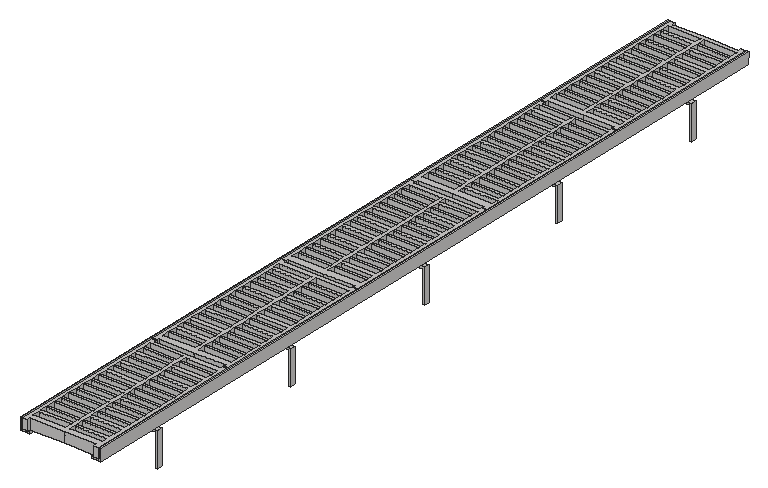
Revit family "Frame_Grate_12_Inch_Z712-HGS", category Plumbing Fixtures, Revit 2022
Family settings
  Round Connector Dimension = Use Diameter
  Part Type = Normal
  OmniClass Number = 23.70.50.21.24.14
  OmniClass Title = Deck Waste Water Drains
  Work Plane-Based = No
  Always vertical = Yes
  Cut with Voids When Loaded = No
  Maintain Annotation Orientation = No
  Shared = No
  Room Calculation Point = No
Parameters (values of type "Z712-HDS")
  Waste Connection = 1 = 1  # yes
  WFU = 1  # constant formula
  Vent Connection = 1 = 0  # no
  URL = "www.zurn.com"
  Type Comments = ""
  Product data url = "https://bimobject.com/zurnindustries/product/Z712-HDG"
  Product Page URL = "https://www.zurn.com/products/drainage-interceptors/trench-drain-systems/frame-and-grate/z712-hds"
  Product Documentation Link = "https://files.zurn.com/spec-sheets/303230.pdf"
  Modified Date = "11/25/2025"  # constant formula
  Model = "Z712-HDG"
  Material_Grate = Steel - Zurn - Stainless - Type 304
  Manufacurer Brand = "Zurn"  # constant formula
  Manufacturer = "Zurn Water, LLC"  # constant formula
  HWFU = 0  # constant formula
  HW Connection = 1 = 0  # no
  Description = "12 [305] INCH WIDE REVEAL FRAME AND GRATE SYSTEM WITH GALVANIZED STEEL FRAME"  # constant formula
  Default Elevation = 10.000"  # constant formula
  Date Created = "11/24/2025"  # constant formula
  CWFU = 0  # constant formula
  CW Connection = 1 = 0  # no
  Assembly Code = "D2030300"
Reference planes (in)
  plane 1 "Center (Front/Back)": y = 0
  plane 2: z = 0
  plane 3 "Center (Left/Right)": x = 0
  plane 4: y = -60
  plane 5: y = 60
  plane 6: z = -1.75
  plane 7: z = -2
  plane 8: x = -6
  plane 9: x = 6
  plane 10: z = -2.5
  plane 11: x = 5.75
  plane 12: x = -5.75
  plane 13: z = -1.5
  plane 14: x = -4.625
  plane 15: x = 4.625
  plane 16: z = -1.5
  plane 17: y = -23.56
  plane 18: y = -47.5
  plane 19: y = -23.531
  plane 20: y = -23.5455
  plane 21: y = 0.409
  plane 22: y = 24.378
  plane 23: y = 0.438
  plane 24: x = -5.375
  plane 25: y = -36.46
  plane 26: y = -36.06
  plane 27: y = -59.6
  plane 28: y = -60
  plane 29: y = 24.407
  plane 30: y = 24.3925
  plane 31: x = -5
  plane 32: y = -23.5455
  plane 33: y = 0.4235
  plane 34: y = -36.48756
  plane 35: y = -36.48756
  plane 36: y = -37.48756
  plane 37: y = -60
  plane 38: y = -47.529
  plane 39: x = 5.125
  plane 40: x = -5.125
  plane 41: x = 0.25
  plane 42: x = -0.25
  plane 43: x = 5.625
  plane 44: x = -5.625
  plane 45: y = -12.48756
  plane 46: y = -12.48756
  plane 47: y = -13.48756
  plane 48: y = 11.51244
  plane 49: y = 11.51244
  plane 50: y = 10.51244
  plane 51: y = 35.62554
  plane 52: y = 35.62554
  plane 53: y = 34.62554
  plane 54: y = 59.51244
  plane 55: y = 59.51244
  plane 56: y = 58.51244
  plane 57: y = -36.48756
  plane 58: y = -36.48756
  plane 59: y = -37.48756
  plane 60: y = -12.48756
  plane 61: y = -12.48756
  plane 62: y = -13.48756
  plane 63: y = 11.51244
  plane 64: y = 11.51244
  plane 65: y = 10.51244
  plane 66: y = 35.62554
  plane 67: y = 35.62554
  plane 68: y = 34.62554
  plane 69: y = 59.51244
  plane 70: y = 59.51244
  plane 71: y = 58.51244
  plane 72: z = -6.75
  plane 73: x = -6.298
  plane 74: x = 6.298
  plane 75: x = 6.548
  plane 76: x = -6.548
  plane 77: y = 49.5
  plane 78: y = 48.75
  plane 79: y = 24.75
  plane 80: y = 24
  plane 81: y = -0.75
  plane 82: y = 0
  plane 83: y = -25.5
  plane 84: y = -24.75
  plane 85: y = -50.25
  plane 86: y = -49.5
Forms (in)
  Extrusion 1, solid, material "Steel - Zurn - Stainless - Type 304" <- "Material_Grate", detail levels fine
    sketch origin (0, 0, 0) x (1, 0, 0) y (0, 0, 1)
      loop
        line (-6, 0) -> (-6, -1.75) -> (-4.625, -1.75) -> (-4.625, -1.5) -> (-5.75, -1.5) -> (-5.75, 0) -> (-6, 0)
      loop
        line (6, 0) -> (5.75, 0) -> (5.75, -1.5) -> (4.625, -1.5) -> (4.625, -1.75) -> (6, -1.75) -> (6, 0)
    from -60 to 60
  Extrusion 2, solid, material "Steel - Zurn - Stainless - Type 304" <- "Material_Grate", detail levels fine
    sketch origin (0.25, -12.5, 0) x (1, 0, 0) y (0, 1, 0)
      loop
        line (-5.875, -47.5) -> (-5.1875, -47.5) -> (-5.1875, -47.1) -> (0, -47.1) -> (4.687, -47.1) -> (4.687, -47.5) -> (5.375, -47.5) -> (5.375, -23.56) -> (4.687, -23.56) -> (4.687, -23.96) -> (0, -23.96) -> (-5.1875, -23.96) -> (-5.1875, -23.56) -> (-5.875, -23.56) -> (-5.875, -47.5)
      loop
        line (-5.875, 0.48) -> (-5.875, -23.46) -> (-5.1875, -23.46) -> (-5.1875, -23.06) -> (0, -23.06) -> (4.687, -23.06) -> (4.687, -23.46) -> (5.375, -23.46) -> (5.375, 0.48) -> (4.687, 0.48) -> (4.687, 0.17441) -> (0, 0.17441) -> (-5.1875, 0.17441) -> (-5.1875, 0.48) -> (-5.875, 0.48)
      loop
        line (-5.875, 72.5) -> (-5.875, 48.56) -> (-5.1875, 48.56) -> (-5.1875, 48.96) -> (0, 48.96) -> (4.687, 48.96) -> (4.687, 48.56) -> (5.375, 48.56) -> (5.375, 72.5) -> (4.687, 72.5) -> (4.687, 72.1) -> (0, 72.1) -> (-5.1875, 72.1) -> (-5.1875, 72.5) -> (-5.875, 72.5)
      loop
        line (-5.875, 24.52) -> (-5.1875, 24.52) -> (-5.1875, 24.82559) -> (0, 24.82559) -> (4.687, 24.82559) -> (4.687, 24.52) -> (5.375, 24.52) -> (5.375, 48.46) -> (4.687, 48.46) -> (4.687, 48.06) -> (0, 48.06) -> (-5.1875, 48.06) -> (-5.1875, 48.46) -> (-5.875, 48.46) -> (-5.875, 24.52)
      loop
        line (-5.875, 0.52729) -> (-5.1875, 0.52729) -> (-5.1875, 0.83288) -> (0, 0.83288) -> (4.687, 0.83288) -> (4.687, 0.52729) -> (5.375, 0.52729) -> (5.375, 24.46729) -> (4.687, 24.46729) -> (4.687, 24.06729) -> (0, 24.06729) -> (-5.1875, 24.06729) -> (-5.1875, 24.46729) -> (-5.875, 24.46729) -> (-5.875, 0.52729)
    from -1.5 to 0
  Extrusion 3, void
    sketch origin (0, 9.25244, 0) x (-1, 0, 0) y (0, -1, 0)
      loop
        line (-5.125, 48.7025) -> (-5.125, 47.7025) -> (-0.25, 47.7025) -> (-0.25, 48.7025) -> (-5.125, 48.7025)
      loop
        line (-5.125, 50.0775) -> (-5.125, 49.0775) -> (-0.25, 49.0775) -> (-0.25, 50.0775) -> (-5.125, 50.0775)
      loop
        line (-5.125, 51.4525) -> (-5.125, 50.4525) -> (-0.25, 50.4525) -> (-0.25, 51.4525) -> (-5.125, 51.4525)
      loop
        line (-5.125, 52.8275) -> (-5.125, 51.8275) -> (-0.25, 51.8275) -> (-0.25, 52.8275) -> (-5.125, 52.8275)
      loop
        line (-5.125, 54.2025) -> (-5.125, 53.2025) -> (-0.25, 53.2025) -> (-0.25, 54.2025) -> (-5.125, 54.2025)
      loop
        line (-5.125, 55.5775) -> (-5.125, 54.5775) -> (-0.25, 54.5775) -> (-0.25, 55.5775) -> (-5.125, 55.5775)
      loop
        line (-5.125, 56.9525) -> (-5.125, 55.9525) -> (-0.25, 55.9525) -> (-0.25, 56.9525) -> (-5.125, 56.9525)
      loop
        line (-5.125, 58.3275) -> (-5.125, 57.3275) -> (-0.25, 57.3275) -> (-0.25, 58.3275) -> (-5.125, 58.3275)
      loop
        line (-5.125, 59.7025) -> (-5.125, 58.7025) -> (-0.25, 58.7025) -> (-0.25, 59.7025) -> (-5.125, 59.7025)
      loop
        line (-5.125, 61.0775) -> (-5.125, 60.0775) -> (-0.25, 60.0775) -> (-0.25, 61.0775) -> (-5.125, 61.0775)
      loop
        line (-5.125, 62.4525) -> (-5.125, 61.4525) -> (-0.25, 61.4525) -> (-0.25, 62.4525) -> (-5.125, 62.4525)
      loop
        line (-5.125, 63.8275) -> (-5.125, 62.8275) -> (-0.25, 62.8275) -> (-0.25, 63.8275) -> (-5.125, 63.8275)
      loop
        line (-5.125, 65.2025) -> (-5.125, 64.2025) -> (-0.25, 64.2025) -> (-0.25, 65.2025) -> (-5.125, 65.2025)
      loop
        line (-5.125, 66.5775) -> (-5.125, 65.5775) -> (-0.25, 65.5775) -> (-0.25, 66.5775) -> (-5.125, 66.5775)
      loop
        line (-5.125, 67.9525) -> (-5.125, 66.9525) -> (-0.25, 66.9525) -> (-0.25, 67.9525) -> (-5.125, 67.9525)
      loop
        line (-5.125, 47.3275) -> (-5.125, 46.3275) -> (-0.25, 46.3275) -> (-0.25, 47.3275) -> (-5.125, 47.3275)
      loop
        line (5.125, 48.7025) -> (0.25, 48.7025) -> (0.25, 47.7025) -> (5.125, 47.7025) -> (5.125, 48.7025)
      loop
        line (5.125, 50.0775) -> (0.25, 50.0775) -> (0.25, 49.0775) -> (5.125, 49.0775) -> (5.125, 50.0775)
      loop
        line (5.125, 51.4525) -> (0.25, 51.4525) -> (0.25, 50.4525) -> (5.125, 50.4525) -> (5.125, 51.4525)
      loop
        line (5.125, 52.8275) -> (0.25, 52.8275) -> (0.25, 51.8275) -> (5.125, 51.8275) -> (5.125, 52.8275)
      loop
        line (5.125, 54.2025) -> (0.25, 54.2025) -> (0.25, 53.2025) -> (5.125, 53.2025) -> (5.125, 54.2025)
      loop
        line (5.125, 55.5775) -> (0.25, 55.5775) -> (0.25, 54.5775) -> (5.125, 54.5775) -> (5.125, 55.5775)
      loop
        line (5.125, 56.9525) -> (0.25, 56.9525) -> (0.25, 55.9525) -> (5.125, 55.9525) -> (5.125, 56.9525)
      loop
        line (5.125, 58.3275) -> (0.25, 58.3275) -> (0.25, 57.3275) -> (5.125, 57.3275) -> (5.125, 58.3275)
      loop
        line (5.125, 59.7025) -> (0.25, 59.7025) -> (0.25, 58.7025) -> (5.125, 58.7025) -> (5.125, 59.7025)
      loop
        line (5.125, 61.0775) -> (0.25, 61.0775) -> (0.25, 60.0775) -> (5.125, 60.0775) -> (5.125, 61.0775)
      loop
        line (5.125, 62.4525) -> (0.25, 62.4525) -> (0.25, 61.4525) -> (5.125, 61.4525) -> (5.125, 62.4525)
      loop
        line (5.125, 63.8275) -> (0.25, 63.8275) -> (0.25, 62.8275) -> (5.125, 62.8275) -> (5.125, 63.8275)
      loop
        line (5.125, 65.2025) -> (0.25, 65.2025) -> (0.25, 64.2025) -> (5.125, 64.2025) -> (5.125, 65.2025)
      loop
        line (5.125, 66.5775) -> (0.25, 66.5775) -> (0.25, 65.5775) -> (5.125, 65.5775) -> (5.125, 66.5775)
      loop
        line (5.125, 67.9525) -> (0.25, 67.9525) -> (0.25, 66.9525) -> (5.125, 66.9525) -> (5.125, 67.9525)
      loop
        line (5.125, 47.3275) -> (0.25, 47.3275) -> (0.25, 46.3275) -> (5.125, 46.3275) -> (5.125, 47.3275)
    from -1.5 to 0
  Extrusion 4, solid, material "Steel - Zurn - Stainless - Type 304" <- "Material_Grate", detail levels fine
    sketch origin (0, 0, 0) x (1, 0, 0) y (0, 0, 1)
      loop
        line (5.125, -2) -> (6.298, -2) -> (6.298, -6.75) -> (6.548, -6.75) -> (6.548, -1.75) -> (5.125, -1.75) -> (5.125, -2)
      loop
        line (-6.548, -1.75) -> (-6.548, -6.75) -> (-6.298, -6.75) -> (-6.298, -2) -> (-5.125, -2) -> (-5.125, -1.75) -> (-6.548, -1.75)
    from 0 to 0.75
  Extrusion 5, void
    sketch origin (0, 33.25244, 0) x (-1, 0, 0) y (0, -1, 0)
      loop
        line (-5.125, 48.7025) -> (-5.125, 47.7025) -> (-0.25, 47.7025) -> (-0.25, 48.7025) -> (-5.125, 48.7025)
      loop
        line (-5.125, 50.0775) -> (-5.125, 49.0775) -> (-0.25, 49.0775) -> (-0.25, 50.0775) -> (-5.125, 50.0775)
      loop
        line (-5.125, 51.4525) -> (-5.125, 50.4525) -> (-0.25, 50.4525) -> (-0.25, 51.4525) -> (-5.125, 51.4525)
      loop
        line (-5.125, 52.8275) -> (-5.125, 51.8275) -> (-0.25, 51.8275) -> (-0.25, 52.8275) -> (-5.125, 52.8275)
      loop
        line (-5.125, 54.2025) -> (-5.125, 53.2025) -> (-0.25, 53.2025) -> (-0.25, 54.2025) -> (-5.125, 54.2025)
      loop
        line (-5.125, 55.5775) -> (-5.125, 54.5775) -> (-0.25, 54.5775) -> (-0.25, 55.5775) -> (-5.125, 55.5775)
      loop
        line (-5.125, 56.9525) -> (-5.125, 55.9525) -> (-0.25, 55.9525) -> (-0.25, 56.9525) -> (-5.125, 56.9525)
      loop
        line (-5.125, 58.3275) -> (-5.125, 57.3275) -> (-0.25, 57.3275) -> (-0.25, 58.3275) -> (-5.125, 58.3275)
      loop
        line (-5.125, 59.7025) -> (-5.125, 58.7025) -> (-0.25, 58.7025) -> (-0.25, 59.7025) -> (-5.125, 59.7025)
      loop
        line (-5.125, 61.0775) -> (-5.125, 60.0775) -> (-0.25, 60.0775) -> (-0.25, 61.0775) -> (-5.125, 61.0775)
      loop
        line (-5.125, 62.4525) -> (-5.125, 61.4525) -> (-0.25, 61.4525) -> (-0.25, 62.4525) -> (-5.125, 62.4525)
      loop
        line (-5.125, 63.8275) -> (-5.125, 62.8275) -> (-0.25, 62.8275) -> (-0.25, 63.8275) -> (-5.125, 63.8275)
      loop
        line (-5.125, 65.2025) -> (-5.125, 64.2025) -> (-0.25, 64.2025) -> (-0.25, 65.2025) -> (-5.125, 65.2025)
      loop
        line (-5.125, 66.5775) -> (-5.125, 65.5775) -> (-0.25, 65.5775) -> (-0.25, 66.5775) -> (-5.125, 66.5775)
      loop
        line (-5.125, 67.9525) -> (-5.125, 66.9525) -> (-0.25, 66.9525) -> (-0.25, 67.9525) -> (-5.125, 67.9525)
      loop
        line (-5.125, 47.3275) -> (-5.125, 46.3275) -> (-0.25, 46.3275) -> (-0.25, 47.3275) -> (-5.125, 47.3275)
      loop
        line (5.125, 48.7025) -> (0.25, 48.7025) -> (0.25, 47.7025) -> (5.125, 47.7025) -> (5.125, 48.7025)
      loop
        line (5.125, 50.0775) -> (0.25, 50.0775) -> (0.25, 49.0775) -> (5.125, 49.0775) -> (5.125, 50.0775)
      loop
        line (5.125, 51.4525) -> (0.25, 51.4525) -> (0.25, 50.4525) -> (5.125, 50.4525) -> (5.125, 51.4525)
      loop
        line (5.125, 52.8275) -> (0.25, 52.8275) -> (0.25, 51.8275) -> (5.125, 51.8275) -> (5.125, 52.8275)
      loop
        line (5.125, 54.2025) -> (0.25, 54.2025) -> (0.25, 53.2025) -> (5.125, 53.2025) -> (5.125, 54.2025)
      loop
        line (5.125, 55.5775) -> (0.25, 55.5775) -> (0.25, 54.5775) -> (5.125, 54.5775) -> (5.125, 55.5775)
      loop
        line (5.125, 56.9525) -> (0.25, 56.9525) -> (0.25, 55.9525) -> (5.125, 55.9525) -> (5.125, 56.9525)
      loop
        line (5.125, 58.3275) -> (0.25, 58.3275) -> (0.25, 57.3275) -> (5.125, 57.3275) -> (5.125, 58.3275)
      loop
        line (5.125, 59.7025) -> (0.25, 59.7025) -> (0.25, 58.7025) -> (5.125, 58.7025) -> (5.125, 59.7025)
      loop
        line (5.125, 61.0775) -> (0.25, 61.0775) -> (0.25, 60.0775) -> (5.125, 60.0775) -> (5.125, 61.0775)
      loop
        line (5.125, 62.4525) -> (0.25, 62.4525) -> (0.25, 61.4525) -> (5.125, 61.4525) -> (5.125, 62.4525)
      loop
        line (5.125, 63.8275) -> (0.25, 63.8275) -> (0.25, 62.8275) -> (5.125, 62.8275) -> (5.125, 63.8275)
      loop
        line (5.125, 65.2025) -> (0.25, 65.2025) -> (0.25, 64.2025) -> (5.125, 64.2025) -> (5.125, 65.2025)
      loop
        line (5.125, 66.5775) -> (0.25, 66.5775) -> (0.25, 65.5775) -> (5.125, 65.5775) -> (5.125, 66.5775)
      loop
        line (5.125, 67.9525) -> (0.25, 67.9525) -> (0.25, 66.9525) -> (5.125, 66.9525) -> (5.125, 67.9525)
      loop
        line (5.125, 47.3275) -> (0.25, 47.3275) -> (0.25, 46.3275) -> (5.125, 46.3275) -> (5.125, 47.3275)
    from -1.5 to 0
  Extrusion 6, void
    sketch origin (0, 57.25244, 0) x (-1, 0, 0) y (0, -1, 0)
      loop
        line (-5.125, 48.7025) -> (-5.125, 47.7025) -> (-0.25, 47.7025) -> (-0.25, 48.7025) -> (-5.125, 48.7025)
      loop
        line (-5.125, 50.0775) -> (-5.125, 49.0775) -> (-0.25, 49.0775) -> (-0.25, 50.0775) -> (-5.125, 50.0775)
      loop
        line (-5.125, 51.4525) -> (-5.125, 50.4525) -> (-0.25, 50.4525) -> (-0.25, 51.4525) -> (-5.125, 51.4525)
      loop
        line (-5.125, 52.8275) -> (-5.125, 51.8275) -> (-0.25, 51.8275) -> (-0.25, 52.8275) -> (-5.125, 52.8275)
      loop
        line (-5.125, 54.2025) -> (-5.125, 53.2025) -> (-0.25, 53.2025) -> (-0.25, 54.2025) -> (-5.125, 54.2025)
      loop
        line (-5.125, 55.5775) -> (-5.125, 54.5775) -> (-0.25, 54.5775) -> (-0.25, 55.5775) -> (-5.125, 55.5775)
      loop
        line (-5.125, 56.9525) -> (-5.125, 55.9525) -> (-0.25, 55.9525) -> (-0.25, 56.9525) -> (-5.125, 56.9525)
      loop
        line (-5.125, 58.3275) -> (-5.125, 57.3275) -> (-0.25, 57.3275) -> (-0.25, 58.3275) -> (-5.125, 58.3275)
      loop
        line (-5.125, 59.7025) -> (-5.125, 58.7025) -> (-0.25, 58.7025) -> (-0.25, 59.7025) -> (-5.125, 59.7025)
      loop
        line (-5.125, 61.0775) -> (-5.125, 60.0775) -> (-0.25, 60.0775) -> (-0.25, 61.0775) -> (-5.125, 61.0775)
      loop
        line (-5.125, 62.4525) -> (-5.125, 61.4525) -> (-0.25, 61.4525) -> (-0.25, 62.4525) -> (-5.125, 62.4525)
      loop
        line (-5.125, 63.8275) -> (-5.125, 62.8275) -> (-0.25, 62.8275) -> (-0.25, 63.8275) -> (-5.125, 63.8275)
      loop
        line (-5.125, 65.2025) -> (-5.125, 64.2025) -> (-0.25, 64.2025) -> (-0.25, 65.2025) -> (-5.125, 65.2025)
      loop
        line (-5.125, 66.5775) -> (-5.125, 65.5775) -> (-0.25, 65.5775) -> (-0.25, 66.5775) -> (-5.125, 66.5775)
      loop
        line (-5.125, 67.9525) -> (-5.125, 66.9525) -> (-0.25, 66.9525) -> (-0.25, 67.9525) -> (-5.125, 67.9525)
      loop
        line (-5.125, 47.3275) -> (-5.125, 46.3275) -> (-0.25, 46.3275) -> (-0.25, 47.3275) -> (-5.125, 47.3275)
      loop
        line (5.125, 48.7025) -> (0.25, 48.7025) -> (0.25, 47.7025) -> (5.125, 47.7025) -> (5.125, 48.7025)
      loop
        line (5.125, 50.0775) -> (0.25, 50.0775) -> (0.25, 49.0775) -> (5.125, 49.0775) -> (5.125, 50.0775)
      loop
        line (5.125, 51.4525) -> (0.25, 51.4525) -> (0.25, 50.4525) -> (5.125, 50.4525) -> (5.125, 51.4525)
      loop
        line (5.125, 52.8275) -> (0.25, 52.8275) -> (0.25, 51.8275) -> (5.125, 51.8275) -> (5.125, 52.8275)
      loop
        line (5.125, 54.2025) -> (0.25, 54.2025) -> (0.25, 53.2025) -> (5.125, 53.2025) -> (5.125, 54.2025)
      loop
        line (5.125, 55.5775) -> (0.25, 55.5775) -> (0.25, 54.5775) -> (5.125, 54.5775) -> (5.125, 55.5775)
      loop
        line (5.125, 56.9525) -> (0.25, 56.9525) -> (0.25, 55.9525) -> (5.125, 55.9525) -> (5.125, 56.9525)
      loop
        line (5.125, 58.3275) -> (0.25, 58.3275) -> (0.25, 57.3275) -> (5.125, 57.3275) -> (5.125, 58.3275)
      loop
        line (5.125, 59.7025) -> (0.25, 59.7025) -> (0.25, 58.7025) -> (5.125, 58.7025) -> (5.125, 59.7025)
      loop
        line (5.125, 61.0775) -> (0.25, 61.0775) -> (0.25, 60.0775) -> (5.125, 60.0775) -> (5.125, 61.0775)
      loop
        line (5.125, 62.4525) -> (0.25, 62.4525) -> (0.25, 61.4525) -> (5.125, 61.4525) -> (5.125, 62.4525)
      loop
        line (5.125, 63.8275) -> (0.25, 63.8275) -> (0.25, 62.8275) -> (5.125, 62.8275) -> (5.125, 63.8275)
      loop
        line (5.125, 65.2025) -> (0.25, 65.2025) -> (0.25, 64.2025) -> (5.125, 64.2025) -> (5.125, 65.2025)
      loop
        line (5.125, 66.5775) -> (0.25, 66.5775) -> (0.25, 65.5775) -> (5.125, 65.5775) -> (5.125, 66.5775)
      loop
        line (5.125, 67.9525) -> (0.25, 67.9525) -> (0.25, 66.9525) -> (5.125, 66.9525) -> (5.125, 67.9525)
      loop
        line (5.125, 47.3275) -> (0.25, 47.3275) -> (0.25, 46.3275) -> (5.125, 46.3275) -> (5.125, 47.3275)
    from -1.5 to 0
  Extrusion 7, void
    sketch origin (0.25, 81.36554, 0) x (-1, 0, 0) y (0, -1, 0)
      loop
        line (-4.875, 48.7025) -> (-4.875, 47.7025) -> (0, 47.7025) -> (0, 48.7025) -> (-4.875, 48.7025)
      loop
        line (-4.875, 50.0775) -> (-4.875, 49.0775) -> (0, 49.0775) -> (0, 50.0775) -> (-4.875, 50.0775)
      loop
        line (-4.875, 51.4525) -> (-4.875, 50.4525) -> (0, 50.4525) -> (0, 51.4525) -> (-4.875, 51.4525)
      loop
        line (-4.875, 52.8275) -> (-4.875, 51.8275) -> (0, 51.8275) -> (0, 52.8275) -> (-4.875, 52.8275)
      loop
        line (-4.875, 54.2025) -> (-4.875, 53.2025) -> (0, 53.2025) -> (0, 54.2025) -> (-4.875, 54.2025)
      loop
        line (-4.875, 55.5775) -> (-4.875, 54.5775) -> (0, 54.5775) -> (0, 55.5775) -> (-4.875, 55.5775)
      loop
        line (-4.875, 56.9525) -> (-4.875, 55.9525) -> (0, 55.9525) -> (0, 56.9525) -> (-4.875, 56.9525)
      loop
        line (-4.875, 58.3275) -> (-4.875, 57.3275) -> (0, 57.3275) -> (0, 58.3275) -> (-4.875, 58.3275)
      loop
        line (-4.875, 59.7025) -> (-4.875, 58.7025) -> (0, 58.7025) -> (0, 59.7025) -> (-4.875, 59.7025)
      loop
        line (-4.875, 61.0775) -> (-4.875, 60.0775) -> (0, 60.0775) -> (0, 61.0775) -> (-4.875, 61.0775)
      loop
        line (-4.875, 62.4525) -> (-4.875, 61.4525) -> (0, 61.4525) -> (0, 62.4525) -> (-4.875, 62.4525)
      loop
        line (-4.875, 63.8275) -> (-4.875, 62.8275) -> (0, 62.8275) -> (0, 63.8275) -> (-4.875, 63.8275)
      loop
        line (-4.875, 65.2025) -> (-4.875, 64.2025) -> (0, 64.2025) -> (0, 65.2025) -> (-4.875, 65.2025)
      loop
        line (-4.875, 66.5775) -> (-4.875, 65.5775) -> (0, 65.5775) -> (0, 66.5775) -> (-4.875, 66.5775)
      loop
        line (-5, 67.9525) -> (-5, 66.9525) -> (0, 66.9525) -> (0, 67.9525) -> (-5, 67.9525)
      loop
        line (-4.875, 47.3275) -> (-4.875, 46.3275) -> (0, 46.3275) -> (0, 47.3275) -> (-4.875, 47.3275)
      loop
        line (5.375, 48.7025) -> (0.5, 48.7025) -> (0.5, 47.7025) -> (5.375, 47.7025) -> (5.375, 48.7025)
      loop
        line (5.375, 50.0775) -> (0.5, 50.0775) -> (0.5, 49.0775) -> (5.375, 49.0775) -> (5.375, 50.0775)
      loop
        line (5.375, 51.4525) -> (0.5, 51.4525) -> (0.5, 50.4525) -> (5.375, 50.4525) -> (5.375, 51.4525)
      loop
        line (5.375, 52.8275) -> (0.5, 52.8275) -> (0.5, 51.8275) -> (5.375, 51.8275) -> (5.375, 52.8275)
      loop
        line (5.375, 54.2025) -> (0.5, 54.2025) -> (0.5, 53.2025) -> (5.375, 53.2025) -> (5.375, 54.2025)
      loop
        line (5.375, 55.5775) -> (0.5, 55.5775) -> (0.5, 54.5775) -> (5.375, 54.5775) -> (5.375, 55.5775)
      loop
        line (5.375, 56.9525) -> (0.5, 56.9525) -> (0.5, 55.9525) -> (5.375, 55.9525) -> (5.375, 56.9525)
      loop
        line (5.375, 58.3275) -> (0.5, 58.3275) -> (0.5, 57.3275) -> (5.375, 57.3275) -> (5.375, 58.3275)
      loop
        line (5.375, 59.7025) -> (0.5, 59.7025) -> (0.5, 58.7025) -> (5.375, 58.7025) -> (5.375, 59.7025)
      loop
        line (5.375, 61.0775) -> (0.5, 61.0775) -> (0.5, 60.0775) -> (5.375, 60.0775) -> (5.375, 61.0775)
      loop
        line (5.375, 62.4525) -> (0.5, 62.4525) -> (0.5, 61.4525) -> (5.375, 61.4525) -> (5.375, 62.4525)
      loop
        line (5.375, 63.8275) -> (0.5, 63.8275) -> (0.5, 62.8275) -> (5.375, 62.8275) -> (5.375, 63.8275)
      loop
        line (5.375, 65.2025) -> (0.5, 65.2025) -> (0.5, 64.2025) -> (5.375, 64.2025) -> (5.375, 65.2025)
      loop
        line (5.375, 66.5775) -> (0.5, 66.5775) -> (0.5, 65.5775) -> (5.375, 65.5775) -> (5.375, 66.5775)
      loop
        line (5.375, 67.9525) -> (0.5, 67.9525) -> (0.5, 66.9525) -> (5.375, 66.9525) -> (5.375, 67.9525)
      loop
        line (5.375, 47.3275) -> (0.5, 47.3275) -> (0.5, 46.3275) -> (5.375, 46.3275) -> (5.375, 47.3275)
    from -1.5 to 0
  Extrusion 8, void
    sketch origin (0, 105.25244, 0) x (-1, 0, 0) y (0, -1, 0)
      loop
        line (-5.125, 48.7025) -> (-5.125, 47.7025) -> (-0.25, 47.7025) -> (-0.25, 48.7025) -> (-5.125, 48.7025)
      loop
        line (-5.125, 50.0775) -> (-5.125, 49.0775) -> (-0.25, 49.0775) -> (-0.25, 50.0775) -> (-5.125, 50.0775)
      loop
        line (-5.125, 51.4525) -> (-5.125, 50.4525) -> (-0.25, 50.4525) -> (-0.25, 51.4525) -> (-5.125, 51.4525)
      loop
        line (-5.125, 52.8275) -> (-5.125, 51.8275) -> (-0.25, 51.8275) -> (-0.25, 52.8275) -> (-5.125, 52.8275)
      loop
        line (-5.125, 54.2025) -> (-5.125, 53.2025) -> (-0.25, 53.2025) -> (-0.25, 54.2025) -> (-5.125, 54.2025)
      loop
        line (-5.125, 55.5775) -> (-5.125, 54.5775) -> (-0.25, 54.5775) -> (-0.25, 55.5775) -> (-5.125, 55.5775)
      loop
        line (-5.125, 56.9525) -> (-5.125, 55.9525) -> (-0.25, 55.9525) -> (-0.25, 56.9525) -> (-5.125, 56.9525)
      loop
        line (-5.125, 58.3275) -> (-5.125, 57.3275) -> (-0.25, 57.3275) -> (-0.25, 58.3275) -> (-5.125, 58.3275)
      loop
        line (-5.125, 59.7025) -> (-5.125, 58.7025) -> (-0.25, 58.7025) -> (-0.25, 59.7025) -> (-5.125, 59.7025)
      loop
        line (-5.125, 61.0775) -> (-5.125, 60.0775) -> (-0.25, 60.0775) -> (-0.25, 61.0775) -> (-5.125, 61.0775)
      loop
        line (-5.125, 62.4525) -> (-5.125, 61.4525) -> (-0.25, 61.4525) -> (-0.25, 62.4525) -> (-5.125, 62.4525)
      loop
        line (-5.125, 63.8275) -> (-5.125, 62.8275) -> (-0.25, 62.8275) -> (-0.25, 63.8275) -> (-5.125, 63.8275)
      loop
        line (-5.125, 65.2025) -> (-5.125, 64.2025) -> (-0.25, 64.2025) -> (-0.25, 65.2025) -> (-5.125, 65.2025)
      loop
        line (-5.125, 66.5775) -> (-5.125, 65.5775) -> (-0.25, 65.5775) -> (-0.25, 66.5775) -> (-5.125, 66.5775)
      loop
        line (-5.125, 67.9525) -> (-5.125, 66.9525) -> (-0.25, 66.9525) -> (-0.25, 67.9525) -> (-5.125, 67.9525)
      loop
        line (-5.125, 47.3275) -> (-5.125, 46.3275) -> (-0.25, 46.3275) -> (-0.25, 47.3275) -> (-5.125, 47.3275)
      loop
        line (5.125, 48.7025) -> (0.25, 48.7025) -> (0.25, 47.7025) -> (5.125, 47.7025) -> (5.125, 48.7025)
      loop
        line (5.125, 50.0775) -> (0.25, 50.0775) -> (0.25, 49.0775) -> (5.125, 49.0775) -> (5.125, 50.0775)
      loop
        line (5.125, 51.4525) -> (0.25, 51.4525) -> (0.25, 50.4525) -> (5.125, 50.4525) -> (5.125, 51.4525)
      loop
        line (5.125, 52.8275) -> (0.25, 52.8275) -> (0.25, 51.8275) -> (5.125, 51.8275) -> (5.125, 52.8275)
      loop
        line (5.125, 54.2025) -> (0.25, 54.2025) -> (0.25, 53.2025) -> (5.125, 53.2025) -> (5.125, 54.2025)
      loop
        line (5.125, 55.5775) -> (0.25, 55.5775) -> (0.25, 54.5775) -> (5.125, 54.5775) -> (5.125, 55.5775)
      loop
        line (5.125, 56.9525) -> (0.25, 56.9525) -> (0.25, 55.9525) -> (5.125, 55.9525) -> (5.125, 56.9525)
      loop
        line (5.125, 58.3275) -> (0.25, 58.3275) -> (0.25, 57.3275) -> (5.125, 57.3275) -> (5.125, 58.3275)
      loop
        line (5.125, 59.7025) -> (0.25, 59.7025) -> (0.25, 58.7025) -> (5.125, 58.7025) -> (5.125, 59.7025)
      loop
        line (5.125, 61.0775) -> (0.25, 61.0775) -> (0.25, 60.0775) -> (5.125, 60.0775) -> (5.125, 61.0775)
      loop
        line (5.125, 62.4525) -> (0.25, 62.4525) -> (0.25, 61.4525) -> (5.125, 61.4525) -> (5.125, 62.4525)
      loop
        line (5.125, 63.8275) -> (0.25, 63.8275) -> (0.25, 62.8275) -> (5.125, 62.8275) -> (5.125, 63.8275)
      loop
        line (5.125, 65.2025) -> (0.25, 65.2025) -> (0.25, 64.2025) -> (5.125, 64.2025) -> (5.125, 65.2025)
      loop
        line (5.125, 66.5775) -> (0.25, 66.5775) -> (0.25, 65.5775) -> (5.125, 65.5775) -> (5.125, 66.5775)
      loop
        line (5.125, 67.9525) -> (0.25, 67.9525) -> (0.25, 66.9525) -> (5.125, 66.9525) -> (5.125, 67.9525)
      loop
        line (5.125, 47.3275) -> (0.25, 47.3275) -> (0.25, 46.3275) -> (5.125, 46.3275) -> (5.125, 47.3275)
    from -1.5 to 0
  Extrusion 9, solid, material "Steel - Zurn - Stainless - Type 304" <- "Material_Grate", detail levels fine
    sketch origin (0, 24.75, 0) x (1, 0, 0) y (0, 0, 1)
      loop
        line (5.125, -1.75) -> (5.125, -2) -> (6.298, -2) -> (6.298, -6.75) -> (6.548, -6.75) -> (6.548, -1.75) -> (5.125, -1.75)
      loop
        line (-6.548, -1.75) -> (-6.548, -6.75) -> (-6.298, -6.75) -> (-6.298, -2) -> (-5.125, -2) -> (-5.125, -1.75) -> (-6.548, -1.75)
    from 0 to 0.75
  Extrusion 10, solid, material "Steel - Zurn - Stainless - Type 304" <- "Material_Grate", detail levels fine
    sketch origin (0, 49.5, 0) x (1, 0, 0) y (0, 0, 1)
      loop
        line (5.125, -1.75) -> (5.125, -2) -> (6.298, -2) -> (6.298, -6.75) -> (6.548, -6.75) -> (6.548, -1.75) -> (5.125, -1.75)
      loop
        line (-6.548, -1.75) -> (-6.548, -6.75) -> (-6.298, -6.75) -> (-6.298, -2) -> (-5.125, -2) -> (-5.125, -1.75) -> (-6.548, -1.75)
    from 0 to 0.75
  Extrusion 11, solid, material "Steel - Zurn - Stainless - Type 304" <- "Material_Grate", detail levels fine
    sketch origin (0, -27.94565, 0) x (1, 0, 0) y (0, 0, 1)
      loop
        line (5.125, -1.75) -> (5.125, -2) -> (6.298, -2) -> (6.298, -6.75) -> (6.548, -6.75) -> (6.548, -1.75) -> (5.125, -1.75)
      loop
        line (-6.548, -1.75) -> (-6.548, -6.75) -> (-6.298, -6.75) -> (-6.298, -2) -> (-5.125, -2) -> (-5.125, -1.75) -> (-6.548, -1.75)
    from -3.19565 to -2.44565
  Extrusion 12, solid, material "Steel - Zurn - Stainless - Type 304" <- "Material_Grate", detail levels fine
    sketch origin (0, -49.5, 0) x (1, 0, 0) y (0, 0, 1)
      loop
        line (5.125, -1.75) -> (5.125, -2) -> (6.298, -2) -> (6.298, -6.75) -> (6.548, -6.75) -> (6.548, -1.75) -> (5.125, -1.75)
      loop
        line (-6.548, -1.75) -> (-6.548, -6.75) -> (-6.298, -6.75) -> (-6.298, -2) -> (-5.125, -2) -> (-5.125, -1.75) -> (-6.548, -1.75)
    from 0 to 0.75
  Extrusion 13, void, not visible
    sketch origin (0, 9.25244, 0) x (-1, 0, 0) y (0, -1, 0)
      loop
        line (-5.125, 48.7025) -> (-5.125, 47.7025) -> (-0.25, 47.7025) -> (-0.25, 48.7025) -> (-5.125, 48.7025)
      loop
        line (-5.125, 50.0775) -> (-5.125, 49.0775) -> (-0.25, 49.0775) -> (-0.25, 50.0775) -> (-5.125, 50.0775)
      loop
        line (-5.125, 51.4525) -> (-5.125, 50.4525) -> (-0.25, 50.4525) -> (-0.25, 51.4525) -> (-5.125, 51.4525)
      loop
        line (-5.125, 52.8275) -> (-5.125, 51.8275) -> (-0.25, 51.8275) -> (-0.25, 52.8275) -> (-5.125, 52.8275)
      loop
        line (-5.125, 54.2025) -> (-5.125, 53.2025) -> (-0.25, 53.2025) -> (-0.25, 54.2025) -> (-5.125, 54.2025)
      loop
        line (-5.125, 55.5775) -> (-5.125, 54.5775) -> (-0.25, 54.5775) -> (-0.25, 55.5775) -> (-5.125, 55.5775)
      loop
        line (-5.125, 56.9525) -> (-5.125, 55.9525) -> (-0.25, 55.9525) -> (-0.25, 56.9525) -> (-5.125, 56.9525)
      loop
        line (-5.125, 58.3275) -> (-5.125, 57.3275) -> (-0.25, 57.3275) -> (-0.25, 58.3275) -> (-5.125, 58.3275)
      loop
        line (-5.125, 59.7025) -> (-5.125, 58.7025) -> (-0.25, 58.7025) -> (-0.25, 59.7025) -> (-5.125, 59.7025)
      loop
        line (-5.125, 61.0775) -> (-5.125, 60.0775) -> (-0.25, 60.0775) -> (-0.25, 61.0775) -> (-5.125, 61.0775)
      loop
        line (-5.125, 62.4525) -> (-5.125, 61.4525) -> (-0.25, 61.4525) -> (-0.25, 62.4525) -> (-5.125, 62.4525)
      loop
        line (-5.125, 63.8275) -> (-5.125, 62.8275) -> (-0.25, 62.8275) -> (-0.25, 63.8275) -> (-5.125, 63.8275)
      loop
        line (-5.125, 65.2025) -> (-5.125, 64.2025) -> (-0.25, 64.2025) -> (-0.25, 65.2025) -> (-5.125, 65.2025)
      loop
        line (-5.125, 66.5775) -> (-5.125, 65.5775) -> (-0.25, 65.5775) -> (-0.25, 66.5775) -> (-5.125, 66.5775)
      loop
        line (-5.125, 67.9525) -> (-5.125, 66.9525) -> (-0.25, 66.9525) -> (-0.25, 67.9525) -> (-5.125, 67.9525)
      loop
        line (-5.125, 47.3275) -> (-5.125, 46.3275) -> (-0.25, 46.3275) -> (-0.25, 47.3275) -> (-5.125, 47.3275)
      loop
        line (5.125, 48.7025) -> (0.25, 48.7025) -> (0.25, 47.7025) -> (5.125, 47.7025) -> (5.125, 48.7025)
      loop
        line (5.125, 50.0775) -> (0.25, 50.0775) -> (0.25, 49.0775) -> (5.125, 49.0775) -> (5.125, 50.0775)
      loop
        line (5.125, 51.4525) -> (0.25, 51.4525) -> (0.25, 50.4525) -> (5.125, 50.4525) -> (5.125, 51.4525)
      loop
        line (5.125, 52.8275) -> (0.25, 52.8275) -> (0.25, 51.8275) -> (5.125, 51.8275) -> (5.125, 52.8275)
      loop
        line (5.125, 54.2025) -> (0.25, 54.2025) -> (0.25, 53.2025) -> (5.125, 53.2025) -> (5.125, 54.2025)
      loop
        line (5.125, 55.5775) -> (0.25, 55.5775) -> (0.25, 54.5775) -> (5.125, 54.5775) -> (5.125, 55.5775)
      loop
        line (5.125, 56.9525) -> (0.25, 56.9525) -> (0.25, 55.9525) -> (5.125, 55.9525) -> (5.125, 56.9525)
      loop
        line (5.125, 58.3275) -> (0.25, 58.3275) -> (0.25, 57.3275) -> (5.125, 57.3275) -> (5.125, 58.3275)
      loop
        line (5.125, 59.7025) -> (0.25, 59.7025) -> (0.25, 58.7025) -> (5.125, 58.7025) -> (5.125, 59.7025)
      loop
        line (5.125, 61.0775) -> (0.25, 61.0775) -> (0.25, 60.0775) -> (5.125, 60.0775) -> (5.125, 61.0775)
      loop
        line (5.125, 62.4525) -> (0.25, 62.4525) -> (0.25, 61.4525) -> (5.125, 61.4525) -> (5.125, 62.4525)
      loop
        line (5.125, 63.8275) -> (0.25, 63.8275) -> (0.25, 62.8275) -> (5.125, 62.8275) -> (5.125, 63.8275)
      loop
        line (5.125, 65.2025) -> (0.25, 65.2025) -> (0.25, 64.2025) -> (5.125, 64.2025) -> (5.125, 65.2025)
      loop
        line (5.125, 66.5775) -> (0.25, 66.5775) -> (0.25, 65.5775) -> (5.125, 65.5775) -> (5.125, 66.5775)
      loop
        line (5.125, 67.9525) -> (0.25, 67.9525) -> (0.25, 66.9525) -> (5.125, 66.9525) -> (5.125, 67.9525)
      loop
        line (5.125, 47.3275) -> (0.25, 47.3275) -> (0.25, 46.3275) -> (5.125, 46.3275) -> (5.125, 47.3275)
    from -1.5 to 0
  Extrusion 14, void, not visible
    sketch origin (0, 33.25244, 0) x (-1, 0, 0) y (0, -1, 0)
      loop
        line (-5.125, 48.7025) -> (-5.125, 47.7025) -> (-0.25, 47.7025) -> (-0.25, 48.7025) -> (-5.125, 48.7025)
      loop
        line (-5.125, 50.0775) -> (-5.125, 49.0775) -> (-0.25, 49.0775) -> (-0.25, 50.0775) -> (-5.125, 50.0775)
      loop
        line (-5.125, 51.4525) -> (-5.125, 50.4525) -> (-0.25, 50.4525) -> (-0.25, 51.4525) -> (-5.125, 51.4525)
      loop
        line (-5.125, 52.8275) -> (-5.125, 51.8275) -> (-0.25, 51.8275) -> (-0.25, 52.8275) -> (-5.125, 52.8275)
      loop
        line (-5.125, 54.2025) -> (-5.125, 53.2025) -> (-0.25, 53.2025) -> (-0.25, 54.2025) -> (-5.125, 54.2025)
      loop
        line (-5.125, 55.5775) -> (-5.125, 54.5775) -> (-0.25, 54.5775) -> (-0.25, 55.5775) -> (-5.125, 55.5775)
      loop
        line (-5.125, 56.9525) -> (-5.125, 55.9525) -> (-0.25, 55.9525) -> (-0.25, 56.9525) -> (-5.125, 56.9525)
      loop
        line (-5.125, 58.3275) -> (-5.125, 57.3275) -> (-0.25, 57.3275) -> (-0.25, 58.3275) -> (-5.125, 58.3275)
      loop
        line (-5.125, 59.7025) -> (-5.125, 58.7025) -> (-0.25, 58.7025) -> (-0.25, 59.7025) -> (-5.125, 59.7025)
      loop
        line (-5.125, 61.0775) -> (-5.125, 60.0775) -> (-0.25, 60.0775) -> (-0.25, 61.0775) -> (-5.125, 61.0775)
      loop
        line (-5.125, 62.4525) -> (-5.125, 61.4525) -> (-0.25, 61.4525) -> (-0.25, 62.4525) -> (-5.125, 62.4525)
      loop
        line (-5.125, 63.8275) -> (-5.125, 62.8275) -> (-0.25, 62.8275) -> (-0.25, 63.8275) -> (-5.125, 63.8275)
      loop
        line (-5.125, 65.2025) -> (-5.125, 64.2025) -> (-0.25, 64.2025) -> (-0.25, 65.2025) -> (-5.125, 65.2025)
      loop
        line (-5.125, 66.5775) -> (-5.125, 65.5775) -> (-0.25, 65.5775) -> (-0.25, 66.5775) -> (-5.125, 66.5775)
      loop
        line (-5.125, 67.9525) -> (-5.125, 66.9525) -> (-0.25, 66.9525) -> (-0.25, 67.9525) -> (-5.125, 67.9525)
      loop
        line (-5.125, 47.3275) -> (-5.125, 46.3275) -> (-0.25, 46.3275) -> (-0.25, 47.3275) -> (-5.125, 47.3275)
      loop
        line (5.125, 48.7025) -> (0.25, 48.7025) -> (0.25, 47.7025) -> (5.125, 47.7025) -> (5.125, 48.7025)
      loop
        line (5.125, 50.0775) -> (0.25, 50.0775) -> (0.25, 49.0775) -> (5.125, 49.0775) -> (5.125, 50.0775)
      loop
        line (5.125, 51.4525) -> (0.25, 51.4525) -> (0.25, 50.4525) -> (5.125, 50.4525) -> (5.125, 51.4525)
      loop
        line (5.125, 52.8275) -> (0.25, 52.8275) -> (0.25, 51.8275) -> (5.125, 51.8275) -> (5.125, 52.8275)
      loop
        line (5.125, 54.2025) -> (0.25, 54.2025) -> (0.25, 53.2025) -> (5.125, 53.2025) -> (5.125, 54.2025)
      loop
        line (5.125, 55.5775) -> (0.25, 55.5775) -> (0.25, 54.5775) -> (5.125, 54.5775) -> (5.125, 55.5775)
      loop
        line (5.125, 56.9525) -> (0.25, 56.9525) -> (0.25, 55.9525) -> (5.125, 55.9525) -> (5.125, 56.9525)
      loop
        line (5.125, 58.3275) -> (0.25, 58.3275) -> (0.25, 57.3275) -> (5.125, 57.3275) -> (5.125, 58.3275)
      loop
        line (5.125, 59.7025) -> (0.25, 59.7025) -> (0.25, 58.7025) -> (5.125, 58.7025) -> (5.125, 59.7025)
      loop
        line (5.125, 61.0775) -> (0.25, 61.0775) -> (0.25, 60.0775) -> (5.125, 60.0775) -> (5.125, 61.0775)
      loop
        line (5.125, 62.4525) -> (0.25, 62.4525) -> (0.25, 61.4525) -> (5.125, 61.4525) -> (5.125, 62.4525)
      loop
        line (5.125, 63.8275) -> (0.25, 63.8275) -> (0.25, 62.8275) -> (5.125, 62.8275) -> (5.125, 63.8275)
      loop
        line (5.125, 65.2025) -> (0.25, 65.2025) -> (0.25, 64.2025) -> (5.125, 64.2025) -> (5.125, 65.2025)
      loop
        line (5.125, 66.5775) -> (0.25, 66.5775) -> (0.25, 65.5775) -> (5.125, 65.5775) -> (5.125, 66.5775)
      loop
        line (5.125, 67.9525) -> (0.25, 67.9525) -> (0.25, 66.9525) -> (5.125, 66.9525) -> (5.125, 67.9525)
      loop
        line (5.125, 47.3275) -> (0.25, 47.3275) -> (0.25, 46.3275) -> (5.125, 46.3275) -> (5.125, 47.3275)
    from -1.5 to 0
  Extrusion 15, void, not visible
    sketch origin (0, 57.25244, 0) x (-1, 0, 0) y (0, -1, 0)
      loop
        line (-5.125, 48.7025) -> (-5.125, 47.7025) -> (-0.25, 47.7025) -> (-0.25, 48.7025) -> (-5.125, 48.7025)
      loop
        line (-5.125, 50.0775) -> (-5.125, 49.0775) -> (-0.25, 49.0775) -> (-0.25, 50.0775) -> (-5.125, 50.0775)
      loop
        line (-5.125, 51.4525) -> (-5.125, 50.4525) -> (-0.25, 50.4525) -> (-0.25, 51.4525) -> (-5.125, 51.4525)
      loop
        line (-5.125, 52.8275) -> (-5.125, 51.8275) -> (-0.25, 51.8275) -> (-0.25, 52.8275) -> (-5.125, 52.8275)
      loop
        line (-5.125, 54.2025) -> (-5.125, 53.2025) -> (-0.25, 53.2025) -> (-0.25, 54.2025) -> (-5.125, 54.2025)
      loop
        line (-5.125, 55.5775) -> (-5.125, 54.5775) -> (-0.25, 54.5775) -> (-0.25, 55.5775) -> (-5.125, 55.5775)
      loop
        line (-5.125, 56.9525) -> (-5.125, 55.9525) -> (-0.25, 55.9525) -> (-0.25, 56.9525) -> (-5.125, 56.9525)
      loop
        line (-5.125, 58.3275) -> (-5.125, 57.3275) -> (-0.25, 57.3275) -> (-0.25, 58.3275) -> (-5.125, 58.3275)
      loop
        line (-5.125, 59.7025) -> (-5.125, 58.7025) -> (-0.25, 58.7025) -> (-0.25, 59.7025) -> (-5.125, 59.7025)
      loop
        line (-5.125, 61.0775) -> (-5.125, 60.0775) -> (-0.25, 60.0775) -> (-0.25, 61.0775) -> (-5.125, 61.0775)
      loop
        line (-5.125, 62.4525) -> (-5.125, 61.4525) -> (-0.25, 61.4525) -> (-0.25, 62.4525) -> (-5.125, 62.4525)
      loop
        line (-5.125, 63.8275) -> (-5.125, 62.8275) -> (-0.25, 62.8275) -> (-0.25, 63.8275) -> (-5.125, 63.8275)
      loop
        line (-5.125, 65.2025) -> (-5.125, 64.2025) -> (-0.25, 64.2025) -> (-0.25, 65.2025) -> (-5.125, 65.2025)
      loop
        line (-5.125, 66.5775) -> (-5.125, 65.5775) -> (-0.25, 65.5775) -> (-0.25, 66.5775) -> (-5.125, 66.5775)
      loop
        line (-5.125, 67.9525) -> (-5.125, 66.9525) -> (-0.25, 66.9525) -> (-0.25, 67.9525) -> (-5.125, 67.9525)
      loop
        line (-5.125, 47.3275) -> (-5.125, 46.3275) -> (-0.25, 46.3275) -> (-0.25, 47.3275) -> (-5.125, 47.3275)
      loop
        line (5.125, 48.7025) -> (0.25, 48.7025) -> (0.25, 47.7025) -> (5.125, 47.7025) -> (5.125, 48.7025)
      loop
        line (5.125, 50.0775) -> (0.25, 50.0775) -> (0.25, 49.0775) -> (5.125, 49.0775) -> (5.125, 50.0775)
      loop
        line (5.125, 51.4525) -> (0.25, 51.4525) -> (0.25, 50.4525) -> (5.125, 50.4525) -> (5.125, 51.4525)
      loop
        line (5.125, 52.8275) -> (0.25, 52.8275) -> (0.25, 51.8275) -> (5.125, 51.8275) -> (5.125, 52.8275)
      loop
        line (5.125, 54.2025) -> (0.25, 54.2025) -> (0.25, 53.2025) -> (5.125, 53.2025) -> (5.125, 54.2025)
      loop
        line (5.125, 55.5775) -> (0.25, 55.5775) -> (0.25, 54.5775) -> (5.125, 54.5775) -> (5.125, 55.5775)
      loop
        line (5.125, 56.9525) -> (0.25, 56.9525) -> (0.25, 55.9525) -> (5.125, 55.9525) -> (5.125, 56.9525)
      loop
        line (5.125, 58.3275) -> (0.25, 58.3275) -> (0.25, 57.3275) -> (5.125, 57.3275) -> (5.125, 58.3275)
      loop
        line (5.125, 59.7025) -> (0.25, 59.7025) -> (0.25, 58.7025) -> (5.125, 58.7025) -> (5.125, 59.7025)
      loop
        line (5.125, 61.0775) -> (0.25, 61.0775) -> (0.25, 60.0775) -> (5.125, 60.0775) -> (5.125, 61.0775)
      loop
        line (5.125, 62.4525) -> (0.25, 62.4525) -> (0.25, 61.4525) -> (5.125, 61.4525) -> (5.125, 62.4525)
      loop
        line (5.125, 63.8275) -> (0.25, 63.8275) -> (0.25, 62.8275) -> (5.125, 62.8275) -> (5.125, 63.8275)
      loop
        line (5.125, 65.2025) -> (0.25, 65.2025) -> (0.25, 64.2025) -> (5.125, 64.2025) -> (5.125, 65.2025)
      loop
        line (5.125, 66.5775) -> (0.25, 66.5775) -> (0.25, 65.5775) -> (5.125, 65.5775) -> (5.125, 66.5775)
      loop
        line (5.125, 67.9525) -> (0.25, 67.9525) -> (0.25, 66.9525) -> (5.125, 66.9525) -> (5.125, 67.9525)
      loop
        line (5.125, 47.3275) -> (0.25, 47.3275) -> (0.25, 46.3275) -> (5.125, 46.3275) -> (5.125, 47.3275)
    from -1.5 to 0
  Extrusion 16, void, not visible
    sketch origin (0.25, 81.36554, 0) x (-1, 0, 0) y (0, -1, 0)
      loop
        line (-4.875, 48.7025) -> (-4.875, 47.7025) -> (0, 47.7025) -> (0, 48.7025) -> (-4.875, 48.7025)
      loop
        line (-4.875, 50.0775) -> (-4.875, 49.0775) -> (0, 49.0775) -> (0, 50.0775) -> (-4.875, 50.0775)
      loop
        line (-4.875, 51.4525) -> (-4.875, 50.4525) -> (0, 50.4525) -> (0, 51.4525) -> (-4.875, 51.4525)
      loop
        line (-4.875, 52.8275) -> (-4.875, 51.8275) -> (0, 51.8275) -> (0, 52.8275) -> (-4.875, 52.8275)
      loop
        line (-4.875, 54.2025) -> (-4.875, 53.2025) -> (0, 53.2025) -> (0, 54.2025) -> (-4.875, 54.2025)
      loop
        line (-4.875, 55.5775) -> (-4.875, 54.5775) -> (0, 54.5775) -> (0, 55.5775) -> (-4.875, 55.5775)
      loop
        line (-4.875, 56.9525) -> (-4.875, 55.9525) -> (0, 55.9525) -> (0, 56.9525) -> (-4.875, 56.9525)
      loop
        line (-4.875, 58.3275) -> (-4.875, 57.3275) -> (0, 57.3275) -> (0, 58.3275) -> (-4.875, 58.3275)
      loop
        line (-4.875, 59.7025) -> (-4.875, 58.7025) -> (0, 58.7025) -> (0, 59.7025) -> (-4.875, 59.7025)
      loop
        line (-4.875, 61.0775) -> (-4.875, 60.0775) -> (0, 60.0775) -> (0, 61.0775) -> (-4.875, 61.0775)
      loop
        line (-4.875, 62.4525) -> (-4.875, 61.4525) -> (0, 61.4525) -> (0, 62.4525) -> (-4.875, 62.4525)
      loop
        line (-4.875, 63.8275) -> (-4.875, 62.8275) -> (0, 62.8275) -> (0, 63.8275) -> (-4.875, 63.8275)
      loop
        line (-4.875, 65.2025) -> (-4.875, 64.2025) -> (0, 64.2025) -> (0, 65.2025) -> (-4.875, 65.2025)
      loop
        line (-4.875, 66.5775) -> (-4.875, 65.5775) -> (0, 65.5775) -> (0, 66.5775) -> (-4.875, 66.5775)
      loop
        line (-5, 67.9525) -> (-5, 66.9525) -> (0, 66.9525) -> (0, 67.9525) -> (-5, 67.9525)
      loop
        line (-4.875, 47.3275) -> (-4.875, 46.3275) -> (0, 46.3275) -> (0, 47.3275) -> (-4.875, 47.3275)
      loop
        line (5.375, 48.7025) -> (0.5, 48.7025) -> (0.5, 47.7025) -> (5.375, 47.7025) -> (5.375, 48.7025)
      loop
        line (5.375, 50.0775) -> (0.5, 50.0775) -> (0.5, 49.0775) -> (5.375, 49.0775) -> (5.375, 50.0775)
      loop
        line (5.375, 51.4525) -> (0.5, 51.4525) -> (0.5, 50.4525) -> (5.375, 50.4525) -> (5.375, 51.4525)
      loop
        line (5.375, 52.8275) -> (0.5, 52.8275) -> (0.5, 51.8275) -> (5.375, 51.8275) -> (5.375, 52.8275)
      loop
        line (5.375, 54.2025) -> (0.5, 54.2025) -> (0.5, 53.2025) -> (5.375, 53.2025) -> (5.375, 54.2025)
      loop
        line (5.375, 55.5775) -> (0.5, 55.5775) -> (0.5, 54.5775) -> (5.375, 54.5775) -> (5.375, 55.5775)
      loop
        line (5.375, 56.9525) -> (0.5, 56.9525) -> (0.5, 55.9525) -> (5.375, 55.9525) -> (5.375, 56.9525)
      loop
        line (5.375, 58.3275) -> (0.5, 58.3275) -> (0.5, 57.3275) -> (5.375, 57.3275) -> (5.375, 58.3275)
      loop
        line (5.375, 59.7025) -> (0.5, 59.7025) -> (0.5, 58.7025) -> (5.375, 58.7025) -> (5.375, 59.7025)
      loop
        line (5.375, 61.0775) -> (0.5, 61.0775) -> (0.5, 60.0775) -> (5.375, 60.0775) -> (5.375, 61.0775)
      loop
        line (5.375, 62.4525) -> (0.5, 62.4525) -> (0.5, 61.4525) -> (5.375, 61.4525) -> (5.375, 62.4525)
      loop
        line (5.375, 63.8275) -> (0.5, 63.8275) -> (0.5, 62.8275) -> (5.375, 62.8275) -> (5.375, 63.8275)
      loop
        line (5.375, 65.2025) -> (0.5, 65.2025) -> (0.5, 64.2025) -> (5.375, 64.2025) -> (5.375, 65.2025)
      loop
        line (5.375, 66.5775) -> (0.5, 66.5775) -> (0.5, 65.5775) -> (5.375, 65.5775) -> (5.375, 66.5775)
      loop
        line (5.375, 67.9525) -> (0.5, 67.9525) -> (0.5, 66.9525) -> (5.375, 66.9525) -> (5.375, 67.9525)
      loop
        line (5.375, 47.3275) -> (0.5, 47.3275) -> (0.5, 46.3275) -> (5.375, 46.3275) -> (5.375, 47.3275)
    from -1.5 to 0
  Extrusion 17, void, not visible
    sketch origin (0, 105.25244, 0) x (-1, 0, 0) y (0, -1, 0)
      loop
        line (-5.125, 48.7025) -> (-5.125, 47.7025) -> (-0.25, 47.7025) -> (-0.25, 48.7025) -> (-5.125, 48.7025)
      loop
        line (-5.125, 50.0775) -> (-5.125, 49.0775) -> (-0.25, 49.0775) -> (-0.25, 50.0775) -> (-5.125, 50.0775)
      loop
        line (-5.125, 51.4525) -> (-5.125, 50.4525) -> (-0.25, 50.4525) -> (-0.25, 51.4525) -> (-5.125, 51.4525)
      loop
        line (-5.125, 52.8275) -> (-5.125, 51.8275) -> (-0.25, 51.8275) -> (-0.25, 52.8275) -> (-5.125, 52.8275)
      loop
        line (-5.125, 54.2025) -> (-5.125, 53.2025) -> (-0.25, 53.2025) -> (-0.25, 54.2025) -> (-5.125, 54.2025)
      loop
        line (-5.125, 55.5775) -> (-5.125, 54.5775) -> (-0.25, 54.5775) -> (-0.25, 55.5775) -> (-5.125, 55.5775)
      loop
        line (-5.125, 56.9525) -> (-5.125, 55.9525) -> (-0.25, 55.9525) -> (-0.25, 56.9525) -> (-5.125, 56.9525)
      loop
        line (-5.125, 58.3275) -> (-5.125, 57.3275) -> (-0.25, 57.3275) -> (-0.25, 58.3275) -> (-5.125, 58.3275)
      loop
        line (-5.125, 59.7025) -> (-5.125, 58.7025) -> (-0.25, 58.7025) -> (-0.25, 59.7025) -> (-5.125, 59.7025)
      loop
        line (-5.125, 61.0775) -> (-5.125, 60.0775) -> (-0.25, 60.0775) -> (-0.25, 61.0775) -> (-5.125, 61.0775)
      loop
        line (-5.125, 62.4525) -> (-5.125, 61.4525) -> (-0.25, 61.4525) -> (-0.25, 62.4525) -> (-5.125, 62.4525)
      loop
        line (-5.125, 63.8275) -> (-5.125, 62.8275) -> (-0.25, 62.8275) -> (-0.25, 63.8275) -> (-5.125, 63.8275)
      loop
        line (-5.125, 65.2025) -> (-5.125, 64.2025) -> (-0.25, 64.2025) -> (-0.25, 65.2025) -> (-5.125, 65.2025)
      loop
        line (-5.125, 66.5775) -> (-5.125, 65.5775) -> (-0.25, 65.5775) -> (-0.25, 66.5775) -> (-5.125, 66.5775)
      loop
        line (-5.125, 67.9525) -> (-5.125, 66.9525) -> (-0.25, 66.9525) -> (-0.25, 67.9525) -> (-5.125, 67.9525)
      loop
        line (-5.125, 47.3275) -> (-5.125, 46.3275) -> (-0.25, 46.3275) -> (-0.25, 47.3275) -> (-5.125, 47.3275)
      loop
        line (5.125, 48.7025) -> (0.25, 48.7025) -> (0.25, 47.7025) -> (5.125, 47.7025) -> (5.125, 48.7025)
      loop
        line (5.125, 50.0775) -> (0.25, 50.0775) -> (0.25, 49.0775) -> (5.125, 49.0775) -> (5.125, 50.0775)
      loop
        line (5.125, 51.4525) -> (0.25, 51.4525) -> (0.25, 50.4525) -> (5.125, 50.4525) -> (5.125, 51.4525)
      loop
        line (5.125, 52.8275) -> (0.25, 52.8275) -> (0.25, 51.8275) -> (5.125, 51.8275) -> (5.125, 52.8275)
      loop
        line (5.125, 54.2025) -> (0.25, 54.2025) -> (0.25, 53.2025) -> (5.125, 53.2025) -> (5.125, 54.2025)
      loop
        line (5.125, 55.5775) -> (0.25, 55.5775) -> (0.25, 54.5775) -> (5.125, 54.5775) -> (5.125, 55.5775)
      loop
        line (5.125, 56.9525) -> (0.25, 56.9525) -> (0.25, 55.9525) -> (5.125, 55.9525) -> (5.125, 56.9525)
      loop
        line (5.125, 58.3275) -> (0.25, 58.3275) -> (0.25, 57.3275) -> (5.125, 57.3275) -> (5.125, 58.3275)
      loop
        line (5.125, 59.7025) -> (0.25, 59.7025) -> (0.25, 58.7025) -> (5.125, 58.7025) -> (5.125, 59.7025)
      loop
        line (5.125, 61.0775) -> (0.25, 61.0775) -> (0.25, 60.0775) -> (5.125, 60.0775) -> (5.125, 61.0775)
      loop
        line (5.125, 62.4525) -> (0.25, 62.4525) -> (0.25, 61.4525) -> (5.125, 61.4525) -> (5.125, 62.4525)
      loop
        line (5.125, 63.8275) -> (0.25, 63.8275) -> (0.25, 62.8275) -> (5.125, 62.8275) -> (5.125, 63.8275)
      loop
        line (5.125, 65.2025) -> (0.25, 65.2025) -> (0.25, 64.2025) -> (5.125, 64.2025) -> (5.125, 65.2025)
      loop
        line (5.125, 66.5775) -> (0.25, 66.5775) -> (0.25, 65.5775) -> (5.125, 65.5775) -> (5.125, 66.5775)
      loop
        line (5.125, 67.9525) -> (0.25, 67.9525) -> (0.25, 66.9525) -> (5.125, 66.9525) -> (5.125, 67.9525)
      loop
        line (5.125, 47.3275) -> (0.25, 47.3275) -> (0.25, 46.3275) -> (5.125, 46.3275) -> (5.125, 47.3275)
    from -1.5 to 0
Cuts and joins
  Extrusion 3, Extrusion 5, Extrusion 6, Extrusion 7, Extrusion 8 cuts Extrusion 1
  Extrusion 3, Extrusion 5, Extrusion 6, Extrusion 7, Extrusion 8 cuts Extrusion 2
Lines and regions (in)
  Masking region 1, detail levels fine
    outline origin (0, 0, 0) x (1, 0, 0) y (0, 1, 0)
      loop
        line (-6, 60) -> (-6, 49.5) -> (-6.548, 49.5) -> (-6.548, 48.75) -> (-6, 48.75) -> (-6, 24.75) -> (-6.548, 24.75) -> (-6.548, 24) -> (-6, 24) -> (-6, 0) -> (-6.548, 0) -> (-6.548, -0.75) -> (-6, -0.75) -> (-6, -24.75) -> (-6.548, -24.75) -> (-6.548, -25.5) -> (-6, -25.5) -> (-6, -49.5) -> (-6.548, -49.5) -> (-6.548, -50.25) -> (-6, -50.25) -> (-6, -60) -> (6, -60) -> (6, -50.25) -> (6.548, -50.25) -> (6.548, -49.5) -> (6, -49.5) -> (6, -25.5) -> (6.548, -25.5) -> (6.548, -24.75) -> (6, -24.75) -> (6, -0.75) -> (6.548, -0.75) -> (6.548, 0) -> (6, 0) -> (6, 24) -> (6.548, 24) -> (6.548, 24.75) -> (6, 24.75) -> (6, 48.75) -> (6.548, 48.75) -> (6.548, 49.5) -> (6, 49.5) -> (6, 60) -> (-6, 60)
  model lines, detail levels coarse+medium
    curve 1: line (-6, 60, 0) -> (6, 60, 0)
    curve 2: line (-6, -60, 0) -> (-6, 60, 0)
    curve 3: line (6, -60, 0) -> (-6, -60, 0)
    curve 4: line (6, 60, 0) -> (6, -60, 0)
    curve 5: line (-6, -54.78261, 0) -> (6, -54.78261, 0)
    curve 6: line (-6, -49.56522, 0) -> (6, -49.56522, 0)
    curve 7: line (-6, -39.13043, 0) -> (6, -39.13043, 0)
    curve 8: line (-6, -44.34783, 0) -> (6, -44.34783, 0)
    curve 9: line (-6, -13.04348, 0) -> (6, -13.04348, 0)
    curve 10: line (-6, -18.26087, 0) -> (6, -18.26087, 0)
    curve 11: line (-6, -23.47826, 0) -> (6, -23.47826, 0)
    curve 12: line (-6, -28.69565, 0) -> (6, -28.69565, 0)
    curve 13: line (-6, -33.91304, 0) -> (6, -33.91304, 0)
    curve 14: line (-6, -7.82609, 0) -> (6, -7.82609, 0)
    curve 15: line (-6, -2.6087, 0) -> (6, -2.6087, 0)
    curve 16: line (-6, 2.6087, 0) -> (6, 2.6087, 0)
    curve 17: line (-6, 7.82609, 0) -> (6, 7.82609, 0)
    curve 18: line (-6, 13.04348, 0) -> (6, 13.04348, 0)
    curve 19: line (-6, 39.13043, 0) -> (6, 39.13043, 0)
    curve 20: line (-6, 33.91304, 0) -> (6, 33.91304, 0)
    curve 21: line (-6, 28.69565, 0) -> (6, 28.69565, 0)
    curve 22: line (-6, 23.47826, 0) -> (6, 23.47826, 0)
    curve 23: line (-6, 18.26087, 0) -> (6, 18.26087, 0)
    curve 24: line (-6, 44.34783, 0) -> (6, 44.34783, 0)
    curve 25: line (-6, 49.56522, 0) -> (6, 49.56522, 0)
    curve 26: line (-6, 54.78261, 0) -> (6, 54.78261, 0)
    curve 27: line (0, 60, 0) -> (0, -60, 0)
    curve 28: line (-3, 60, 0) -> (-3, -60, 0)
    curve 29: line (3, 60, 0) -> (3, -60, 0)
Dimensions and locks (in)
  equal spacing: plane 4, plane 1 "Center (Front/Back)", plane 5
  plane 4 to plane 1 "Center (Front/Back)" = 60.000"
  plane 4 to plane 5 = 120.000"
  equal spacing: plane 9, plane 3 "Center (Left/Right)", plane 8, locked at 6 each
  locked: plane 9 to plane 8 at 12
  locked: plane 6 to plane 7 at 0.25
  locked: plane 6 to plane 10 at 0.75
  locked: plane 9 to plane 11 at 0.25
  locked: plane 12 to plane 8 at 0.25
  locked: plane 19 to plane 17 at 0.029
  locked: plane 20 to plane 17 at 0.0145
  locked: plane 23 to plane 21 at 0.029
  locked: Extrusion 2 sketch curve to Extrusion 2 sketch curve at 23.94  (x5)
  locked: Extrusion 2 sketch curve to Extrusion 2 sketch curve at 0.4  (x5)
  locked: plane 29 to plane 22 at 0.029
  locked: plane 30 to plane 22 at 0.0145
  equal spacing: plane 19, plane 32, plane 17
  equal spacing: plane 23, plane 33, plane 21
  plane 18 to plane 38 = 0.029"
  plane 37 to plane 5 = 120.000"
  locked: Extrusion 4 to Extrusion 4 at 0.75  (x2)
  equal spacing: plane 5, curve 26, curve 25, curve 24, curve 19, curve 20, curve 21, curve 22, curve 23, curve 18, curve 17, curve 16, curve 15, curve 14, curve 9, curve 10, curve 11, curve 12, curve 13, curve 7, curve 8, curve 6, curve 5, curve 3, locked at 5.21739 each
  locked: plane 8 to curve 4 at 12
